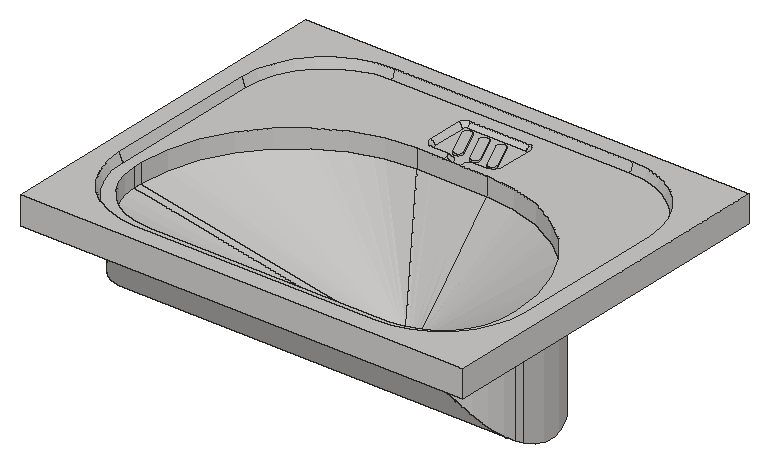
Revit family
Parameters (values of type "520 X 420")
  Height Of Basin = 172 mm
  Finished Floor Level = 900 mm
  Depth Of Basin = 270 mm
  Width Of Basin = 442 mm
  Waste Connection Radius = Waste Connection Diameter / 2  # 20 mm
  Waste Connection Diameter = 40 mm
  Waste Connection = 1 = 1  # yes
  WFU = 0
  Vent Connection = 1 = 0  # no
  URL = "http://www.autospec.co.za/browse.php?id=1644179284"
  Product Code = "None"
  OmniClass Title = ""
  OmniClass Number = ""
  Modspec Classification = ""
  Specification = ""
  Location (revit room) = ""
  Material = Stainless Steel Grade 304
  HW Connection = 1 = 0  # no
  Description = ""
  Depth = 420 mm
  Default Elevation = 0 mm
  Colour = none
  CW Connection = 1 = 0  # no
  Body Finish = none
  Width = 520 mm
  Model = "Single Wash Hand Basin SHB-001"
  Manufacturer = "Kwikot"  # constant formula
  Assembly Code = "D2010440"
Reference planes
  plane 1 "Back": y = 0
  plane 2 "Bottom": z = 0
  plane 3 "Center (Left/Right)": x = 0
  plane 4 "Left": x = -260
  plane 5 "Right": x = 260
  plane 6 "Front": y = -420
  plane 7 "Top": z = 900
  plane 8: z = 868
  plane 9 "Basin Center": x = -1
  plane 10: y = -380
  plane 11: y = -110
  plane 12: x = -222
  plane 13: x = 220
  plane 14: z = 728
Forms (mm)
  Extrusion 1, solid, material "Stainless Steel Grade 304" <- "Material"
    sketch origin (-260, -491, 4000) x (0, -1, 0) y (0, 0, 1)
      loop
        line (-491, -3132) -> (-71, -3132) -> (-71, -3100) -> (-491, -3100) -> (-491, -3132)
    from 0 to -520
  Blend 2, void
    base sketch origin (-779.234, -1524, 900) x (0, -1, 0) y (1, 0, 0)
      loop
        arc (-1504, 639.234) -> (-1474.711, 568.523) -> (-1404, 539.234) r 100
        line (-1404, 539.234) -> (-1224, 539.234)
        arc (-1224, 539.234) -> (-1153.289, 568.523) -> (-1124, 639.234) r 100
        line (-1124, 639.234) -> (-1124, 919.234)
        arc (-1124, 919.234) -> (-1153.289, 989.944) -> (-1224, 1019.234) r 100
        line (-1224, 1019.234) -> (-1404, 1019.234)
        arc (-1404, 1019.234) -> (-1474.711, 989.944) -> (-1504, 919.234) r 100
        line (-1504, 919.234) -> (-1504, 639.234)
    top sketch origin (-779.234, -1524, 900) x (0, -1, 0) y (1, 0, 0)
      loop
        arc (-1224, 543.234) -> (-1156.118, 571.351) -> (-1128, 639.234) r 96
        line (-1128, 639.234) -> (-1128, 919.234)
        arc (-1128, 919.234) -> (-1156.118, 987.116) -> (-1224, 1015.234) r 96
        line (-1224, 1015.234) -> (-1404, 1015.234)
        arc (-1404, 1015.234) -> (-1471.882, 987.116) -> (-1500, 919.234) r 96
        line (-1500, 919.234) -> (-1500, 639.234)
        arc (-1500, 639.234) -> (-1471.882, 571.351) -> (-1404, 543.234) r 96
        line (-1404, 543.234) -> (-1224, 543.234)
    from 0 to -10
  Extrusion 3, void
    sketch origin (-779.234, -1524, 900) x (0, -1, 0) y (-1, 0, 0)
      loop
        line (-1414, -737.234) -> (-1414, -819.234)
        arc (-1414, -819.234) -> (-1361.279, -946.513) -> (-1234, -999.234) r 180
        line (-1234, -999.234) -> (-1224, -999.234)
        arc (-1224, -999.234) -> (-1167.431, -975.802) -> (-1144, -919.234) r 80
        line (-1144, -919.234) -> (-1144, -637.234)
        arc (-1144, -637.234) -> (-1167.431, -580.665) -> (-1224, -557.234) r 80
        line (-1224, -557.234) -> (-1234, -557.234)
        arc (-1234, -557.234) -> (-1361.279, -609.954) -> (-1414, -737.234) r 180
    from 0 to 32
  Extrusion 4, solid, material "Stainless Steel Grade 304" <- "Material"
    sketch origin (-779.234, -1524, 868) x (-1, 0, 0) y (0, -1, 0)
      loop
        line (-549.234, -1234) -> (-549.234, -1222)
        arc (-549.234, -1222) -> (-573.544, -1163.31) -> (-632.234, -1139) r 83
        line (-632.234, -1139) -> (-924.234, -1139)
        arc (-924.234, -1139) -> (-982.924, -1163.31) -> (-1007.234, -1222) r 83
        line (-1007.234, -1222) -> (-1007.234, -1234)
        arc (-1007.234, -1234) -> (-953.634, -1363.401) -> (-824.234, -1417) r 183
        line (-824.234, -1417) -> (-732.234, -1417)
        arc (-732.234, -1417) -> (-602.833, -1363.401) -> (-549.234, -1234) r 183
    from 0 to -140
  Extrusion 5, void
    sketch origin (0, 0, 0) x (0, -1, 0) y (0, 0, 1)
      loop
        arc (157, 728) -> (121.645, 742.645) -> (107, 778) r 50
        line (107, 778) -> (87, 778) -> (87, 718) -> (157, 718) -> (157, 728)
      loop
        line (187, 718) -> (408, 718) -> (408, 868) -> (383, 868)
        arc (383, 868) -> (308.439, 765.186) -> (187, 728) r 200
        line (187, 728) -> (187, 718)
    from 260 to -260
  Blend 6, void
    base sketch origin (-779.234, -1524, 868) x (0, -1, 0) y (1, 0, 0)
      loop
        line (-1234, 557.234) -> (-1224, 557.234)
        arc (-1224, 557.234) -> (-1167.431, 580.665) -> (-1144, 637.234) r 80
        line (-1144, 637.234) -> (-1144, 919.234)
        arc (-1144, 919.234) -> (-1167.431, 975.802) -> (-1224, 999.234) r 80
        line (-1224, 999.234) -> (-1234, 999.234)
        arc (-1234, 999.234) -> (-1361.279, 946.513) -> (-1414, 819.234) r 180
        line (-1414, 819.234) -> (-1414, 737.234)
        arc (-1414, 737.234) -> (-1361.279, 609.954) -> (-1234, 557.234) r 180
    top sketch origin (-779.234, -1524, 868) x (0, -1, 0) y (1, 0, 0)
      loop
        arc (-1323.025, 766.2) -> (-1319, 778.234) -> (-1323.025, 790.267) r 20
        arc (-1323.025, 790.267) -> (-1326.767, 794.056) -> (-1331.375, 796.723) r 20
        arc (-1331.375, 796.723) -> (-1335.865, 797.986) -> (-1340.525, 798.175) r 20
        arc (-1340.525, 798.175) -> (-1350.304, 794.733) -> (-1357.046, 786.856) r 20
        arc (-1357.046, 786.856) -> (-1358.999, 778.378) -> (-1357.169, 769.873) r 20
        arc (-1357.169, 769.873) -> (-1350.423, 761.817) -> (-1340.525, 758.292) r 20
        arc (-1340.525, 758.292) -> (-1335.865, 758.481) -> (-1331.375, 759.744) r 20
        arc (-1331.375, 759.744) -> (-1326.767, 762.412) -> (-1323.025, 766.2) r 20
    from 0 to -130
  Extrusion 7, void
    sketch origin (-1108.106, -1524, 728) x (0, -1, 0) y (-1, 0, 0)
      loop
        circle (-1339, -1107.106) r 20
    from 0 to -20
  Extrusion 8, solid, material "Stainless Steel Grade 304" <- "Material"
    sketch origin (-1108.106, -1524, 728) x (-1, 0, 0) y (0, -1, 0)
      loop
        circle (-1107.106, -1339) r 20
      loop
        circle (-1107.106, -1339) r 23
    from 0 to -20
  Blend 9, void
    base sketch origin (-779.234, -1524, 900) x (0, -1, 0) y (1, 0, 0)
      loop
        arc (-1484, 744.734) -> (-1481.657, 739.077) -> (-1476, 736.734) r 8
        line (-1476, 736.734) -> (-1436, 736.734)
        arc (-1436, 736.734) -> (-1427.515, 740.248) -> (-1424, 748.734) r 12
        line (-1424, 748.734) -> (-1424, 764.234)
        arc (-1424, 764.234) -> (-1422.536, 767.769) -> (-1419, 769.234) r 5
        line (-1419, 769.234) -> (-1414, 769.234) -> (-1414, 789.234) -> (-1419, 789.234)
        arc (-1419, 789.234) -> (-1422.536, 790.698) -> (-1424, 794.234) r 5
        line (-1424, 794.234) -> (-1424, 809.734)
        arc (-1424, 809.734) -> (-1427.515, 818.219) -> (-1436, 821.734) r 12
        line (-1436, 821.734) -> (-1476, 821.734)
        arc (-1476, 821.734) -> (-1481.657, 819.391) -> (-1484, 813.734) r 8
        line (-1484, 813.734) -> (-1484, 744.734)
    top sketch origin (-779.234, -1524, 900) x (0, -1, 0) y (1, 0, 0)
      loop
        arc (-1436, 741.734) -> (-1431.05, 743.784) -> (-1429, 748.734) r 7
        line (-1429, 748.734) -> (-1429, 764.234)
        arc (-1429, 764.234) -> (-1426.071, 771.305) -> (-1419, 774.234) r 10
        line (-1419, 774.234) -> (-1417, 774.234) -> (-1417, 784.234) -> (-1419, 784.234)
        arc (-1419, 784.234) -> (-1426.071, 787.163) -> (-1429, 794.234) r 10
        line (-1429, 794.234) -> (-1429, 809.734)
        arc (-1429, 809.734) -> (-1431.05, 814.683) -> (-1436, 816.734) r 7
        line (-1436, 816.734) -> (-1476, 816.734)
        arc (-1476, 816.734) -> (-1478.121, 815.855) -> (-1479, 813.734) r 3
        line (-1479, 813.734) -> (-1479, 744.734)
        arc (-1479, 744.734) -> (-1478.121, 742.612) -> (-1476, 741.734) r 3
        line (-1476, 741.734) -> (-1436, 741.734)
    from -10 to -15
  Extrusion 10, solid, material "Stainless Steel Grade 304" <- "Material"
    sketch origin (-779.234, -1524, 900) x (-1, 0, 0) y (0, -1, 0)
      loop
        line (-747.445, -1467.587) -> (-762.236, -1435.867)
        arc (-762.236, -1435.867) -> (-768.881, -1433.448) -> (-771.299, -1440.093) r 5
        line (-771.299, -1440.093) -> (-756.508, -1471.814)
        arc (-756.508, -1471.814) -> (-749.863, -1474.232) -> (-747.445, -1467.587) r 5
      loop
        line (-767.445, -1467.587) -> (-782.236, -1435.867)
        arc (-782.236, -1435.867) -> (-788.881, -1433.448) -> (-791.299, -1440.093) r 5
        line (-791.299, -1440.093) -> (-776.508, -1471.814)
        arc (-776.508, -1471.814) -> (-769.863, -1474.232) -> (-767.445, -1467.587) r 5
      loop
        line (-787.445, -1467.587) -> (-802.236, -1435.867)
        arc (-802.236, -1435.867) -> (-808.881, -1433.448) -> (-811.299, -1440.093) r 5
        line (-811.299, -1440.093) -> (-796.508, -1471.814)
        arc (-796.508, -1471.814) -> (-789.863, -1474.232) -> (-787.445, -1467.587) r 5
    from -18 to -14
Cuts and joins
  Blend 2, Extrusion 3, Extrusion 5, Blend 6, Extrusion 7, Blend 9 cuts Extrusion 1
  Extrusion 5, Blend 6, Extrusion 7, Blend 9 cuts Extrusion 4
  joined: Extrusion 1, Extrusion 4, Extrusion 8, Extrusion 10
Lines and regions (mm)
  symbolic lines
    curve 1: line (-260, 0, 900) -> (-260, -420, 900)
    curve 2: line (260, 0, 900) -> (-260, 0, 900)
    curve 3: line (260, -420, 900) -> (260, 0, 900)
    curve 4: line (-260, -420, 900) -> (260, -420, 900)
    curve 5: line (140, -400, 900) -> (-140, -400, 900)
    curve 6: line (-140, -396, 900) -> (140, -396, 900)
    curve 7: arc (-140, -400, 900) -> (-210.711, -370.711, 900) -> (-240, -300, 900) r 100
    curve 8: arc (-236, -300, 900) -> (-207.882, -367.882, 900) -> (-140, -396, 900) r 96
    curve 9: arc (240, -300, 900) -> (210.711, -370.711, 900) -> (140, -400, 900) r 100
    curve 10: arc (140, -396, 900) -> (207.882, -367.882, 900) -> (236, -300, 900) r 96
    curve 11: line (236, -300, 900) -> (236, -120, 900)
    curve 12: line (240, -120, 900) -> (240, -300, 900)
    curve 13: arc (236, -120, 900) -> (207.882, -52.118, 900) -> (140, -24, 900) r 96
    curve 14: arc (140, -20, 900) -> (210.711, -49.289, 900) -> (240, -120, 900) r 100
    curve 15: line (-140, -20, 900) -> (140, -20, 900)
    curve 16: line (140, -24, 900) -> (-140, -24, 900)
    curve 17: arc (-240, -120, 900) -> (-210.711, -49.289, 900) -> (-140, -20, 900) r 100
    curve 18: arc (-140, -24, 900) -> (-207.882, -52.118, 900) -> (-236, -120, 900) r 96
    curve 19: line (-240, -300, 900) -> (-240, -120, 900)
    curve 20: line (-236, -120, 900) -> (-236, -300, 900)
    curve 21: arc (-222, -290, 900) -> (-169.279, -162.721, 900) -> (-42, -110, 900) r 180
    curve 22: line (40, -110, 900) -> (-42, -110, 900)
    curve 23: arc (40, -110, 900) -> (167.279, -162.721, 900) -> (220, -290, 900) r 180
    curve 24: arc (220, -300, 900) -> (196.569, -356.569, 900) -> (140, -380, 900) r 80
    curve 25: line (220, -300, 900) -> (220, -290, 900)
    curve 26: line (-142, -380, 900) -> (140, -380, 900)
    curve 27: arc (-142, -380, 900) -> (-198.569, -356.569, 900) -> (-222, -300, 900) r 80
    curve 28: line (-222, -290, 900) -> (-222, -300, 900)
    curve 31: line (-10, -110, 900) -> (-10, -105, 900)
    curve 32: arc (-10, -105, 900) -> (-11.464, -101.464, 900) -> (-15, -100, 900) r 5
    curve 33: line (-15, -100, 900) -> (-30.5, -100, 900)
    curve 34: arc (-30.5, -100, 900) -> (-38.985, -96.485, 900) -> (-42.5, -88, 900) r 12
    curve 35: line (-42.5, -88, 900) -> (-42.5, -48, 900)
    curve 36: arc (-42.5, -48, 900) -> (-40.157, -42.343, 900) -> (-34.5, -40, 900) r 8
    curve 37: line (-34.5, -40, 900) -> (34.5, -40, 900)
    curve 38: arc (34.5, -40, 900) -> (40.157, -42.343, 900) -> (42.5, -48, 900) r 8
    curve 39: line (42.5, -48, 900) -> (42.5, -88, 900)
    curve 40: arc (42.5, -88, 900) -> (38.985, -96.485, 900) -> (30.5, -100, 900) r 12
    curve 41: line (30.5, -100, 900) -> (15, -100, 900)
    curve 42: arc (15, -100, 900) -> (11.464, -101.464, 900) -> (10, -105, 900) r 5
    curve 43: line (10, -105, 900) -> (10, -110, 900)
    curve 44: line (5, -107, 900) -> (5, -105, 900)
    curve 45: arc (5, -105, 900) -> (7.929, -97.929, 900) -> (15, -95, 900) r 10
    curve 46: line (15, -95, 900) -> (30.5, -95, 900)
    curve 47: arc (30.5, -95, 900) -> (35.45, -92.95, 900) -> (37.5, -88, 900) r 7
    curve 48: line (37.5, -88, 900) -> (37.5, -48, 900)
    curve 49: arc (37.5, -48, 900) -> (36.621, -45.879, 900) -> (34.5, -45, 900) r 3
    curve 50: line (34.5, -45, 900) -> (-34.5, -45, 900)
    curve 51: arc (-34.5, -45, 900) -> (-36.621, -45.879, 900) -> (-37.5, -48, 900) r 3
    curve 52: line (-37.5, -48, 900) -> (-37.5, -88, 900)
    curve 53: arc (-37.5, -88, 900) -> (-35.45, -92.95, 900) -> (-30.5, -95, 900) r 7
    curve 54: line (-30.5, -95, 900) -> (-15, -95, 900)
    curve 55: arc (-15, -95, 900) -> (-7.929, -97.929, 900) -> (-5, -105, 900) r 10
    curve 56: line (-5, -105, 900) -> (-5, -107, 900)
    curve 57: line (-5, -107, 900) -> (5, -107, 900)
    curve 58: line (-5, -107, 900) -> (-10, -110, 900)
    curve 59: line (5, -107, 900) -> (10, -110, 900)
  symbolic lines, detail levels fine
    curve 29: arc (-1, -165, 900) -> (19, -185, 900) -> (-1, -205, 900) r 20
    curve 30: arc (-1, -205, 900) -> (-21, -185, 900) -> (-1, -165, 900) r 20
    curve 60: line (-31.789, -56.413, 900) -> (-16.997, -88.133, 900)
    curve 61: arc (-16.997, -88.133, 900) -> (-10.353, -90.552, 900) -> (-7.934, -83.907, 900) r 5
    curve 62: line (-7.934, -83.907, 900) -> (-22.726, -52.186, 900)
    curve 63: arc (-22.726, -52.186, 900) -> (-29.371, -49.768, 900) -> (-31.789, -56.413, 900) r 5
    curve 64: line (-11.789, -56.413, 900) -> (3.003, -88.133, 900)
    curve 65: arc (3.003, -88.133, 900) -> (9.647, -90.552, 900) -> (12.066, -83.907, 900) r 5
    curve 66: line (12.066, -83.907, 900) -> (-2.726, -52.186, 900)
    curve 67: arc (-2.726, -52.186, 900) -> (-9.371, -49.768, 900) -> (-11.789, -56.413, 900) r 5
    curve 68: line (8.211, -56.413, 900) -> (23.003, -88.133, 900)
    curve 69: arc (23.003, -88.133, 900) -> (29.647, -90.552, 900) -> (32.066, -83.907, 900) r 5
    curve 70: line (32.066, -83.907, 900) -> (17.274, -52.186, 900)
    curve 71: arc (17.274, -52.186, 900) -> (10.629, -49.768, 900) -> (8.211, -56.413, 900) r 5
Dimensions and locks
  equal spacing: plane 4 "Left", plane 3 "Center (Left/Right)", plane 5 "Right"
  "Depth": plane 1 "Back" to plane 6 "Front"
  "Width": plane 4 "Left" to plane 5 "Right"
  "Finished Floor Level": plane 7 "Top" to plane 2 "Bottom"
  plane 10 to plane 6 "Front" = 40 mm
  "Depth Of Basin": plane 11 to plane 10
  "Width Of Basin": plane 12 to plane 13
  equal spacing: plane 12, plane 9 "Basin Center", plane 13
  locked: plane 9 "Basin Center" to plane 3 "Center (Left/Right)" at 1
  plane 7 "Top" to plane 8 = 32 mm
  "Height Of Basin": plane 7 "Top" to plane 14
  Extrusion 5 sketch curve to plane 11 = 77 mm
  plane 11 to Blend 6 sketch curve = 75 mm
  Extrusion 7 sketch curve to plane 1 "Back" = 185 mm
  Blend 9 sketch curve to Blend 9 sketch curve = 20 mm
  Blend 9 sketch curve to Blend 9 sketch curve = 85 mm
  Blend 9 sketch curve to Blend 9 sketch curve = 60 mm
  radius of Extrusion 3 sketch curve = 80 mm  (x2)
  radius of Extrusion 3 sketch curve = 180 mm  (x2)
  "Waste Connection Radius": radius of Extrusion 7 sketch curve
  aligned and locked: level to plane 2 "Bottom"
  aligned and locked: Extrusion 1 sketch curve to plane 8
  aligned and locked: Extrusion 1 sketch curve to plane 1 "Back"
  aligned and locked: Extrusion 1 sketch curve to plane 6 "Front"
  aligned and locked: plane 7 "Top" to Extrusion 1 sketch curve
  aligned and locked: plane 4 "Left" to Extrusion 1
  aligned and locked: Extrusion 1 to plane 5 "Right"
  aligned and locked: plane 11 to Extrusion 3 sketch curve
  aligned and locked: Extrusion 3 sketch curve to plane 12
  aligned and locked: Extrusion 3 sketch curve to plane 10
  aligned and locked: plane 13 to Extrusion 3 sketch curve
  aligned: plane 13 to Extrusion 5
  aligned and locked: plane 4 "Left" to Extrusion 5
  aligned and locked: Extrusion 5 to plane 5 "Right"
  aligned and locked: Extrusion 5 sketch curve to Extrusion 5 sketch curve
  aligned and locked: Blend 6 sketch curve to cut or joined group 1 (Extrusion 1, Blend 2, Extrusion 3, Extrusion 4, Extrusion 5, Blend 6, Extrusion 7, Extrusion 8, Blend 9, Extrusion 10)  (x4)
  aligned and locked: plane 9 "Basin Center" to Blend 6 sketch curve
  aligned and locked: plane 9 "Basin Center" to Extrusion 7 sketch curve
  aligned and locked: Extrusion 7 to plane 14
  aligned and locked: Extrusion 8 sketch curve to cut or joined group 1  (x2)
  aligned and locked: plane 14 to Extrusion 8
  aligned and locked: plane 11 to Blend 9 sketch curve
  aligned and locked: cut or joined group 1 to Blend 9 sketch curve
  aligned and locked: curve 1 to cut or joined group 1
  aligned and locked: curve 2 to cut or joined group 1
  aligned and locked: curve 3 to cut or joined group 1
  aligned and locked: curve 4 to cut or joined group 1
  aligned and locked: curve 7 to cut or joined group 1
  aligned and locked: curve 8 to cut or joined group 1
  aligned and locked: curve 9 to cut or joined group 1
  aligned and locked: curve 10 to cut or joined group 1
  aligned and locked: curve 13 to cut or joined group 1
  aligned and locked: curve 14 to cut or joined group 1
  aligned and locked: curve 17 to cut or joined group 1
  aligned and locked: curve 18 to cut or joined group 1
  aligned and locked: curve 21 to cut or joined group 1
  aligned and locked: curve 23 to cut or joined group 1
  aligned and locked: curve 24 to cut or joined group 1
  aligned and locked: curve 27 to cut or joined group 1
  aligned and locked: curve 29 to cut or joined group 1
  aligned and locked: curve 30 to cut or joined group 1
  aligned and locked: curve 31 to cut or joined group 1
  aligned and locked: curve 32 to cut or joined group 1
  aligned and locked: curve 34 to cut or joined group 1
  aligned and locked: curve 36 to cut or joined group 1
  aligned and locked: curve 38 to cut or joined group 1
  aligned and locked: curve 40 to cut or joined group 1
  aligned and locked: curve 42 to cut or joined group 1
  aligned and locked: curve 44 to cut or joined group 1
  aligned and locked: curve 45 to cut or joined group 1
  aligned and locked: curve 47 to cut or joined group 1
  aligned and locked: curve 49 to cut or joined group 1
  aligned and locked: curve 51 to cut or joined group 1
  aligned and locked: curve 53 to cut or joined group 1
  aligned and locked: curve 55 to cut or joined group 1
  aligned and locked: curve 57 to cut or joined group 1
  aligned and locked: curve 58 to cut or joined group 1
  aligned and locked: curve 59 to cut or joined group 1
  aligned and locked: curve 61 to cut or joined group 1
  aligned and locked: curve 63 to cut or joined group 1
  aligned and locked: curve 65 to cut or joined group 1
  aligned and locked: curve 67 to cut or joined group 1
  aligned and locked: curve 69 to cut or joined group 1
  aligned and locked: curve 71 to cut or joined group 1
Automatic sketch dimensions
  plane 1 "Back" to Blend 2 sketch curve = 20 mm
  Blend 2 sketch curve to plane 11 = 10 mm  (x4)
  plane 10 to Blend 2 sketch curve = 80 mm  (x4)
  plane 5 "Right" to Blend 2 sketch curve = 20 mm
  plane 6 "Front" to Blend 2 sketch curve = 20 mm
  plane 12 to Blend 2 sketch curve = 82 mm
  plane 1 "Back" to Blend 2 sketch curve = 24 mm
  Blend 2 sketch curve to plane 12 = 14 mm
  plane 13 to Blend 2 sketch curve = 16 mm
  Blend 2 sketch curve to plane 10 = 16 mm
  plane 13 to Extrusion 4 sketch curve = 8 mm
  Extrusion 4 sketch curve to plane 10 = 5 mm
  Extrusion 4 sketch curve to plane 13 = 75 mm
  plane 3 "Center (Left/Right)" to Extrusion 4 sketch curve = 45 mm
  plane 11 to Extrusion 4 sketch curve = 3 mm
  Extrusion 4 sketch curve to plane 9 "Basin Center" = 46 mm
  plane 12 to Extrusion 4 sketch curve = 75 mm
  Extrusion 4 sketch curve to plane 12 = 8 mm
  Extrusion 5 sketch curve to plane 14 = 0 mm  (x2)
  Extrusion 5 sketch curve to plane 8 = 0 mm
  Extrusion 5 sketch curve to plane 11 = 47 mm
  plane 11 to Extrusion 5 sketch curve = 3 mm
  Extrusion 5 sketch curve to Extrusion 5 sketch curve = 20 mm
  plane 7 "Top" to Extrusion 5 sketch curve = 27.933 mm
  Extrusion 5 sketch curve to plane 11 = 82.191 mm
  plane 6 "Front" to Extrusion 5 sketch curve = 12 mm
  Extrusion 5 sketch curve to plane 14 = 10 mm
  Blend 6 sketch curve to Blend 6 sketch curve = 0 mm  (x13)
  Blend 6 sketch curve to Blend 6 sketch curve = 1.525 mm  (x2)
  plane 3 "Center (Left/Right)" to Blend 6 sketch curve = 7.622 mm
  Blend 6 sketch curve to Blend 6 sketch curve = 18.046 mm
  Blend 6 sketch curve to plane 9 "Basin Center" = 8.36 mm
  Blend 6 sketch curve to Blend 6 sketch curve = 9.15 mm  (x2)
  Blend 6 sketch curve to Blend 6 sketch curve = 8.35 mm  (x2)
  Extrusion 8 sketch curve to Extrusion 8 sketch curve = 0 mm  (x2)
  Extrusion 8 sketch curve to Extrusion 8 sketch curve = 3 mm
  plane 11 to Blend 9 sketch curve = 5 mm  (x2)
  Blend 9 sketch curve to Blend 9 sketch curve = 5 mm  (x2)
  Blend 9 sketch curve to Blend 9 sketch curve = 12 mm  (x2)
  Blend 9 sketch curve to Blend 9 sketch curve = 8 mm  (x2)
  Blend 9 sketch curve to plane 9 "Basin Center" = 41.5 mm
  Blend 9 sketch curve to plane 9 "Basin Center" = 14 mm  (x2)
  Blend 9 sketch curve to Blend 9 sketch curve = 2 mm  (x2)
  plane 11 to Blend 9 sketch curve = 15 mm
  Blend 9 sketch curve to Blend 9 sketch curve = 10 mm
  Blend 9 sketch curve to Blend 9 sketch curve = 7 mm  (x2)
  Blend 9 sketch curve to Blend 9 sketch curve = 40 mm  (x2)
  Blend 9 sketch curve to Blend 9 sketch curve = 3 mm
  Blend 9 sketch curve to plane 9 "Basin Center" = 36.5 mm
  plane 3 "Center (Left/Right)" to Blend 9 sketch curve = 5 mm
  Blend 9 sketch curve to Blend 9 sketch curve = 15.5 mm
  plane 3 "Center (Left/Right)" to Extrusion 10 sketch curve = 32.066 mm
  Extrusion 10 sketch curve to Extrusion 10 sketch curve = 4.532 mm  (x11)
  plane 3 "Center (Left/Right)" to Extrusion 10 sketch curve = 17.274 mm
  Extrusion 10 sketch curve to Extrusion 10 sketch curve = 10.937 mm  (x2)
  plane 3 "Center (Left/Right)" to Extrusion 10 sketch curve = 3.003 mm
  Extrusion 10 sketch curve to plane 9 "Basin Center" = 1.726 mm
  Extrusion 10 sketch curve to plane 9 "Basin Center" = 6.934 mm
  plane 1 "Back" to Extrusion 10 sketch curve = 52.186 mm
  Extrusion 10 sketch curve to Extrusion 10 sketch curve = 0 mm  (x4)
  Extrusion 10 sketch curve to Extrusion 10 sketch curve = 2.113 mm  (x6)
  plane 11 to Extrusion 10 sketch curve = 26.093 mm
  plane 1 "Back" to curve 2 = 0 mm
  curve 2 to plane 5 "Right" = 0 mm
  curve 1 to plane 4 "Left" = 0 mm
  curve 1 to plane 6 "Front" = 0 mm
  curve 62 to curve 60 = 4.226 mm  (x2)
  curve 62 to curve 63 = 2.113 mm
  curve 61 to curve 60 = 2.113 mm
  curve 45 to curve 66 = 2.934 mm
  curve 66 to plane 9 "Basin Center" = 1.726 mm
  curve 67 to curve 64 = 2.113 mm
  curve 65 to curve 64 = 2.113 mm
  curve 70 to curve 40 = 1.566 mm
  plane 11 to curve 68 = 21.867 mm
  curve 71 to curve 68 = 4.226 mm
  curve 70 to curve 71 = 2.113 mm
Connectors
  piping at (-1, -185, 708), driven by "Waste Connection Radius", driven by "WFU"
    settings: on cut or joined group 1, index 1, connector radius 20 mm, flow factor 0, pipe flow 0.0 L/s, pressure drop 0.0 Pa, fitting loss kfactor 0, connector angle 0.00°, fixture units 0, flow configuration 3, flow direction 2, fitting loss method 0, system type 16, connector reference index -1, connector utility 0, adjustable connector no, is connector primary yes, fitting loss table "", connector description "Waste Connection"
